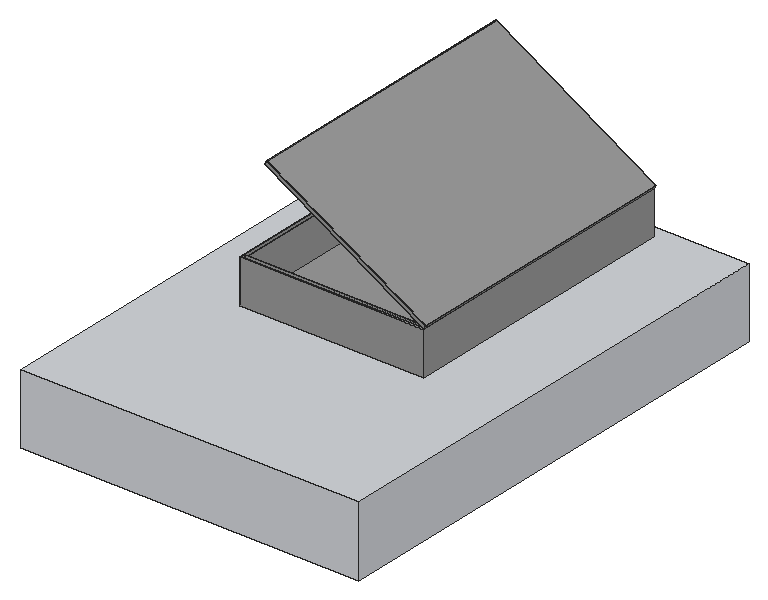
Revit family "Hager-Univers-IP54-D205-H1250-Cl.I-Encl-CH-fr", category Equipement électrique, Revit 2020
Family settings
  Hôte = Face
  Configuration du panneau = Deux colonnes, circuits au sein
  Cote de connecteur circulaire = Utiliser le diamètre
  Type d'élément = Tableau de raccordement
  Couper avec des vides une fois chargée = Non
  Partagée = Non
  Point de calcul de pièce = Non
Parameters (values of type "saillie IP54 L800 H1250 P205  - FP83TW2")
  Width Control [instance] = if([EF000008 - largeur] > Min Width, [EF000008 - largeur], Min Width)  # 800 mm
  Commentaires du type = [HG000003 - Gamme]  # "Univers"
  Thickness Door [instance] = if([EF009171 - épaisseur de matériau de la porte/du couvercle] > 3 mm, 3 mm, [EF009171 - épaisseur de matériau de la porte/du couvercle])  # 1 mm
  Seal Frame Offset [instance] = 17 mm  # constant formula
  Plinth Visibility [instance] = [HG000027 - Hauteur du socle] > 0 mm  # no
  Model = ""
  Min Width [instance] = 100 mm  # constant formula
  Min Height [instance] = 100 mm  # constant formula
  Min Depth [instance] = (2 * [EF009170 - épaisseur de matériau du boîtier]) + 1 mm  # 3 mm
  Internal Frame Depth [instance] = (Door System Depth * 0.5)  # 9 mm
  Height Control [instance] = if([EF000040 - hauteur] > Min Height, [EF000040 - hauteur], Min Height)  # 1250 mm
  HG000027 - Hauteur du socle = 0 mm
  HG000026 - Installation au sol = no
  HG000024 - Hauteur de la section basse = 800 mm
  HG000023 - Armoire double section = no
  HG000016 - Visibilité de la porte 3D [instance] = yes
  HG000015 - Visibilité de l'emprise de la porte [instance] = no
  HG000014 - Porte à droite [instance] = yes
  HG000013 - Porte à gauche [instance] = not([HG000014 - Porte à droite])  # no
  HG000012 - Angle de pivotement de la porte [instance] = 30.00°
  HG000010 - Portes asymétriques = no
  HG000009 - Porte à double battant = no
  HG000006 - Encastré = no
  HG000004 - Référence fabricant = "FP83TW2"
  HG000003 - Gamme = "Univers"
  HG000002 - avec porte = yes
  Frame Offset Bottom [instance] = 10 mm  # constant formula
  Frame Offset [instance] = 15 mm  # constant formula
  EF015940 - couvercle avec décharge de pression = no
  EF011959 - degré de protection (NEMA) = ""
  EF009554 - nombre d'ouvertures pour plaques à bride = 6
  Fabricant = "Hager"  # constant formula
  EF009212 - finition du couvercle = "EV000116 - fermé"
  EF009171 - épaisseur de matériau de la porte/du couvercle = 1 mm
  EF009170 - épaisseur de matériau du boîtier = 1 mm
  EF008873 - courant nominal (In) = 250 A
  EF007800 - adapté à un parafoudre = no
  EF006306 - avec serrure = no
  EF006244 - couvercle/porte transparent(e) = no
  EF005474 - indice de protection (IP) = "EV006419 - IP54"
  EF004464 - type de porte = "EV002646 - unique"
  EF004427 - nombre de modules = 288
  EF004293 - indice de protection contre les chocs (IK) = "EV006815 - IK09"
  EF003532 - convient pour utilisation à l’extérieur = no
  EF002950 - largeur en nombre de modules = 36
  EF001613 - maintien de fonction = "EV000494 - sans"
  EF001596 - matériau du boîtier/corps = "EV000179 - acier"
  EF001131 - profondeur intérieure = 130 mm
  EF001088 - possibilité de montage en saillie = yes
  EF000437 - nombre d'entrées de conduit = 6
  EF000339 - type de capot = "EV001012 - couvercle"
  EF000266 - nombre de rangées = 8
  EF000218 - profondeur d'encastrement = 205 mm
  EF000118 - avec cadre/support de montage = no
  EF000116 - numéro RAL = "9010"
  EF000049 - profondeur = 205 mm
  EF000040 - hauteur = 1250 mm
  EF000008 - largeur = 800 mm
  EF000007 - couleur = "EV000202 - blanc"
  EF000003 - mode de pose = "EV000384 - saillie"
  Door System Leaf Tolerance [instance] = 1.5 mm  # constant formula
  Door System Depth [instance] = 18 mm  # constant formula
  Door Height [instance] = Height Control - [HG000027 - Hauteur du socle]  # 1250 mm
  Depth Control [instance] = if([EF000049 - profondeur] > Min Depth, [EF000049 - profondeur], Min Depth)  # 205 mm
  Default Elevation = 0 mm
  Connector Offset [instance] = Height Control / 2  # 625 mm
  Bottom Top Plate Trim [instance] = 1.5 mm  # constant formula
  Plinth height Ctrl [instance] = if([HG000027 - Hauteur du socle] > 0 mm, [HG000027 - Hauteur du socle], 12 mm)  # 12 mm
Types (5, lengths in mm): name | Width Control | HG000004 - Référence fabricant | EF009554 - nombre d'ouvertures pour plaques à bride | EF004464 - type de porte | EF004427 - nombre de modules | EF002950 - largeur en nombre de modules | EF000437 - nombre d'entrées de conduit | EF000008 - largeur
  saillie IP54 L1050 H1250 P205  - FP84TW2 | 1050 | "FP84TW2" | 8 | "EV003602 - double" | 384 | 48 | 8 | 1050
  saillie IP54 L1300 H1250 P205  - FP85TW2 | 1300 | "FP85TW2" | 10 | "EV003602 - double" | 480 | 60 | 10 | 1300
  saillie IP54 L300 H1250 P205  - FP81TW2 | 300 | "FP81TW2" | 2 | "EV002646 - unique" | 96 | 12 | 2 | 300
  saillie IP54 L550 H1250 P205  - FP82TW2 | 550 | "FP82TW2" | 4 | "EV002646 - unique" | 192 | 24 | 4 | 550
  saillie IP54 L800 H1250 P205  - FP83TW2 | 800 | "FP83TW2" | 6 | "EV002646 - unique" | 288 | 36 | 6 | 800
Reference planes
  plane 1 "Center (Front/Back)": y = 0
  plane 2: z = 0
  plane 3 "Center (Left/Right)": x = 0
  plane 4: z = 205
  plane 5: y = 1
  plane 6: y = 625
  plane 7: y = 0
  plane 8: y = 1250
  plane 9: z = 0
  plane 10: x = -385
  plane 11: x = 385
  plane 12: x = 384
  plane 13: x = -384
  plane 14: y = 1249
  plane 15: x = -383
  plane 16: x = -400
  plane 17: x = 383
  plane 18: x = 400
  plane 19: x = 399
  plane 20: x = -399
  plane 21: y = 11
  plane 22: y = 1250
  plane 23: y = 1234
  plane 24: z = 187
  plane 25: z = 1
  plane 26: z = 186
  plane 27: z = 204
Forms (mm)
  Extrusion 1, solid
    sketch origin (0, 0, 0) x (1, 0, 0) y (0, 1, 0)
      loop
        line (-702.964, 1305) -> (-702.964, -811.445) -> (766.763, -811.445) -> (766.763, 1305) -> (-702.964, 1305)
    from 0 to -304.8
  Extrusion 2, solid, material "Hager_Steel_RAL7035_Light_Grey", visible <- "Plinth Visibility", detail levels medium+fine
    sketch origin (0, 0, 0) x (1, 0, 0) y (0, 1, 0)
      loop
        line (-400, 0) -> (400, 0) -> (400, 12) -> (-400, 12) -> (-400, 0)
    from 0 to 187
  Extrusion 3, solid, material "Hager_Steel_RAL7035_Light_Grey", detail levels medium+fine
    sketch origin (0, 0, 0) x (1, 0, 0) y (0, 1, 0)
      loop
        line (-400, 0) -> (400, 0) -> (400, 1250) -> (-400, 1250) -> (-400, 0)
    from 0 to 187
  Extrusion 4, void
    sketch origin (0, 0, 0) x (1, 0, 0) y (0, 1, 0)
      loop
        line (-399, 1) -> (399, 1) -> (399, 1249) -> (-399, 1249) -> (-399, 1)
    from 1 to 186
  Extrusion 5, void
    sketch origin (-381.607, -4572, 187) x (0, -1, 0) y (-1, 0, 0)
      loop
        line (-4583, 2.393) -> (-5806, 2.393) -> (-5806, -765.607) -> (-4583, -765.607) -> (-4583, 2.393)
    from 0 to 1 <- "EF009170 - épaisseur de matériau du boîtier"
  Extrusion 6, solid, material "Hager_Steel_RAL7035_Light_Grey", detail levels fine
    sketch origin (0, 0, 187) x (1, 0, 0) y (0, 1, 0)
      loop
        line (-384, 1234) -> (-384, 11) -> (384, 11) -> (384, 1234) -> (-384, 1234)
      loop
        line (-385, 10) -> (385, 10) -> (385, 1235) -> (-385, 1235) -> (-385, 10)
    from 0 to 9 <- "Internal Frame Depth"
  Extrusion 7, solid, material "Hager_Steel_RAL7035_Light_Grey", detail levels coarse
    sketch origin (0, 0, 0) x (1, 0, 0) y (0, 1, 0)
      loop
        line (-400, 0) -> (400, 0) -> (400, 1250) -> (-400, 1250) -> (-400, 0)
    from 0 to 205
  Sweep 8, void
    path in 3D
      loop
        line (-400, 12, 0) -> (400, 12, 0) -> (400, 12, 187) -> (-400, 12, 187) -> (-400, 12, 0)
    profile origin (-400, 12, 93.5) x (-1, 0, 0) y (0, -1, 0)
      loop
        line (0, 0) -> (0, 1.5) -> (-1.5, 1.5)
        arc (-1.5, 1.5) -> (-1.061, 0.439) -> (0, 0) r 1.5
Cuts and joins
  Extrusion 4, Extrusion 5 cuts Extrusion 3
  Sweep 8 cuts Extrusion 2
Lines and regions (mm)
  Masking region 1
    outline origin (0, 0, 0) x (1, 0, 0) y (0, 0, 1)
      loop
        line (-400, 205) -> (-400, 0) -> (400, 0) -> (400, 205) -> (-400, 205)
  Masking region 2, detail levels medium+fine
    outline origin (0, 140, 0) x (0, 1, 0) y (0, 0, 1)
      loop
        line (-140, 0) -> (1110, 0) -> (1110, 187) -> (-140, 187) -> (-140, 0)
  Masking region 3, not visible, detail levels medium+fine
    outline origin (0, 297.922, 0) x (0, 1, 0) y (0, 0, 1)
      loop
        line (338.578, 0) -> (378.578, 0) -> (378.578, 194)
        arc (378.578, 194) -> (375.649, 201.071) -> (368.578, 204) r 10
        line (368.578, 204) -> (338.578, 204) -> (338.578, 0)
  Masking region 4, detail levels coarse
    outline origin (0, 0, 180) x (0, 1, 0) y (0, 0, 1)
      loop
        line (0, -180) -> (1250, -180) -> (1250, 25) -> (0, 25) -> (0, -180)
  Masking region 5, visible <- "Plinth Visibility", detail levels medium+fine
    outline origin (0, 52.24, 12.345) x (0, 0, -1) y (0, 1, 0)
      loop
        line (10.845, -40.24) -> (-173.155, -40.24)
        arc (-173.155, -40.24) -> (-173.594, -41.301) -> (-174.655, -41.74) r 1.5
        line (-174.655, -41.74) -> (-174.655, -52.24) -> (12.345, -52.24) -> (12.345, -41.74)
        arc (12.345, -41.74) -> (11.285, -41.301) -> (10.845, -40.24) r 1.5
  Masking region 6, detail levels medium+fine
    outline origin (-381.607, -4572, 187) x (-1, 0, 0) y (0, -1, 0)
      loop
        line (18.393, -5822) -> (18.393, -4572) -> (-781.607, -4572) -> (-781.607, -5822) -> (18.393, -5822)
  Masking region 7, visible <- "Plinth Visibility", detail levels medium+fine
    outline origin (-381.607, -4727, 187) x (-1, 0, 0) y (0, -1, 0)
      loop
        arc (16.893, -4739) -> (17.332, -4737.939) -> (18.393, -4737.5) r 1.5
        line (18.393, -4737.5) -> (18.393, -4727) -> (-781.607, -4727) -> (-781.607, -4737.5)
        arc (-781.607, -4737.5) -> (-780.546, -4737.939) -> (-780.107, -4739) r 1.5
        line (-780.107, -4739) -> (16.893, -4739)
  Masking region 8, detail levels coarse
    outline origin (-442.548, -4669.526, 187) x (-1, 0, 0) y (0, -1, 0)
      loop
        line (-42.548, -5919.526) -> (-42.548, -4669.526) -> (-842.548, -4669.526) -> (-842.548, -5919.526) -> (-42.548, -5919.526)
  sketch lines
    curve 1: line (-400, 12, 187) -> (-400, 12, 0)
    curve 2: line (400, 12, 187) -> (-400, 12, 187)
    curve 3: line (400, 12, 187) -> (400, 12, 0)
    curve 4: line (-400, 12, 0) -> (400, 12, 0)
Dimensions and locks
  "Depth Control": plane 4 to Extrusion 1
  "HG000027 - Hauteur du socle": plane 1 "Center (Front/Back)" to plane 7
  "EF009170 - épaisseur de matériau du boîtier": plane 5 to plane 7
  locked: connector elem to plane 3 "Center (Left/Right)"
  equal spacing: plane 8, plane 6, plane 7
  locked: connector elem to plane 6
  "EF009170 - épaisseur de matériau du boîtier": plane 8 to plane 14
  "EF009170 - épaisseur de matériau du boîtier": plane 10 to plane 13
  "EF009170 - épaisseur de matériau du boîtier": plane 12 to plane 11
  "Frame Offset": plane 20 to plane 13
  "Frame Offset": plane 12 to plane 19
  "EF009170 - épaisseur de matériau du boîtier": plane 16 to plane 20
  "EF009170 - épaisseur de matériau du boîtier": plane 19 to plane 18
  "Seal Frame Offset": plane 16 to plane 15
  "Seal Frame Offset": plane 17 to plane 18
  "Frame Offset Bottom": plane 21 to plane 5
  "Frame Offset": plane 14 to plane 23
  equal spacing: plane 16, plane 3 "Center (Left/Right)", plane 18
  "Width Control": plane 16 to plane 18
  "EF009170 - épaisseur de matériau du boîtier": plane 4 to plane 27
  "EF009170 - épaisseur de matériau du boîtier": plane 24 to plane 26
  "EF009170 - épaisseur de matériau du boîtier": plane 25 to level
  "Door System Depth": plane 4 to plane 24
  "Height Control": plane 1 "Center (Front/Back)" to Extrusion 7 sketch curve
  "Height Control": Masking region 4 sketch curve to plane 1 "Center (Front/Back)"
  "Height Control": plane 1 "Center (Front/Back)" to plane 22
  "Bottom Top Plate Trim": profile plane to Sweep 8 sketch curve
  "Bottom Top Plate Trim": Sweep 8 sketch curve to profile plane
  "Plinth height Ctrl": plane 1 "Center (Front/Back)" to Extrusion 2 sketch curve
  "Plinth height Ctrl": Masking region 5 sketch curve to plane 1 "Center (Front/Back)"
  "Plinth height Ctrl": plane 1 "Center (Front/Back)" to Masking region 7 sketch curve
  "Thickness Door": Extrusion 6 sketch curve to Extrusion 6 sketch curve  (x3)
  "Thickness Door": cut or joined group of Extrusion 3, Extrusion 4, Extrusion 5 to Extrusion 6 sketch curve
  radius of Masking region 3 sketch curve = 10 mm
  "Bottom Top Plate Trim": radius of Masking region 5 sketch curve  (x2)
  "Bottom Top Plate Trim": radius of Sweep 8 sketch curve
  "Bottom Top Plate Trim": radius of Masking region 7 sketch curve  (x2)
  aligned and locked: plane 2 to Extrusion 1
  aligned and locked: level to Extrusion 1
  aligned and locked: level to Masking region 1 sketch curve
  aligned and locked: Masking region 1 sketch curve to plane 18
  aligned and locked: Masking region 1 sketch curve to plane 16
  aligned and locked: plane 7 to Masking region 2 sketch curve
  aligned and locked: level to Masking region 3 sketch curve
  aligned and locked: Masking region 3 sketch curve to plane 27
  aligned and locked: level to Masking region 2 sketch curve
  aligned and locked: plane 1 "Center (Front/Back)" to Extrusion 2 sketch curve
  aligned and locked: Extrusion 3 sketch curve to plane 7
  aligned and locked: plane 16 to Extrusion 3 sketch curve
  aligned and locked: plane 18 to Extrusion 3 sketch curve
  aligned and locked: plane 20 to Extrusion 4 sketch curve
  aligned and locked: plane 19 to Extrusion 4 sketch curve
  aligned and locked: Extrusion 4 sketch curve to plane 5
  aligned and locked: Extrusion 4 to plane 25
  aligned and locked: plane 26 to Extrusion 4
  aligned and locked: plane 24 to Extrusion 3
  aligned and locked: Extrusion 5 sketch curve to plane 21
  aligned and locked: Extrusion 5 sketch curve to plane 13
  aligned and locked: Extrusion 5 sketch curve to plane 12
  aligned and locked: plane 18 to Extrusion 7 sketch curve
  aligned and locked: plane 1 "Center (Front/Back)" to Extrusion 7 sketch curve
  aligned and locked: plane 16 to Extrusion 7 sketch curve
  aligned and locked: plane 4 to Extrusion 7
  aligned and locked: Extrusion 7 to level
  aligned and locked: level to Masking region 4 sketch curve
  aligned and locked: Masking region 4 sketch curve to plane 1 "Center (Front/Back)"
  aligned and locked: Masking region 4 sketch curve to plane 4
  aligned and locked: nested 1 to level
  aligned and locked: nested 1 to plane 16
  aligned and locked: plane 8 to Extrusion 3 sketch curve
  aligned and locked: plane 23 to Extrusion 5 sketch curve
  aligned and locked: plane 14 to Extrusion 4 sketch curve
  aligned and locked: Masking region 2 sketch curve to plane 8
  aligned and locked: level to Masking region 5 sketch curve
  aligned and locked: plane 16 to Extrusion 2 sketch curve
  aligned and locked: plane 18 to Extrusion 2 sketch curve
  aligned and locked: Masking region 5 sketch curve to plane 24
  aligned and locked: Masking region 2 sketch curve to plane 24
  aligned and locked: plane 24 to Extrusion 2
  aligned and locked: profile plane to Sweep 8 sketch curve  (x2)
  aligned and locked: Masking region 6 sketch curve to plane 18
  aligned and locked: Masking region 6 sketch curve to plane 22
  aligned and locked: Masking region 6 sketch curve to plane 16
  aligned and locked: plane 8 to plane 22
  aligned and locked: Masking region 6 sketch curve to plane 7
  aligned and locked: Masking region 7 sketch curve to plane 16
  aligned and locked: Masking region 7 sketch curve to plane 1 "Center (Front/Back)"
  aligned and locked: Masking region 7 sketch curve to plane 18
  aligned and locked: Masking region 8 sketch curve to plane 1 "Center (Front/Back)"
  aligned and locked: Masking region 8 sketch curve to plane 18
  aligned and locked: Masking region 8 sketch curve to plane 22
  aligned and locked: Masking region 8 sketch curve to plane 16
  aligned and locked: nested 2 to plane 7
  aligned and locked: plane 3 "Center (Left/Right)" to nested 2
  aligned and locked: nested 2 to plane 24
  aligned and locked: Extrusion 6 sketch curve to cut or joined group of Extrusion 3, Extrusion 4, Extrusion 5  (x4)
Automatic sketch dimensions
  Extrusion 1 sketch curve to Extrusion 1 sketch curve = 1469.727 mm
  Extrusion 1 sketch curve to Extrusion 1 sketch curve = 2116.445 mm
  Masking region 1 sketch curve to plane 4 = 0 mm
  plane 6 to Masking region 3 sketch curve = 11.5 mm
  Masking region 3 sketch curve to Masking region 3 sketch curve = 30 mm
  Masking region 5 sketch curve to plane 1 "Center (Front/Back)" = 0 mm
Nested families
  nested 1: "Hager_Enclosure_Symbol" at (-400, 0, 0) x (1, 0, 0) z (0, -1, 0), Height <- "Depth Control", Width <- "Width Control", type "Hager_Enclosure_Symbol"
    with Width_Ctrl 800 mm, Width 800 mm, Height_Ctrl 205 mm, Height 205 mm, A_Width_Int 13.453 mm, A_Width 161.438 mm, A_Height_Ctrl 179.375 mm, A_Height 179.375 mm
  nested 2: "EC000058_Univers_Door" at (0, 0, 187) x (1, 0, 0) z (0, 1, 0), Leaf_Tolerance <- "Door System Leaf Tolerance", Angle <- "HG000012 - Angle de pivotement de la porte", Door_Depth <- "Door System Depth", Door_Left <- "HG000013 - Porte à gauche", Transparent <- "EF006244 - couvercle/porte transparent(e)", Assymetrical <- "HG000010 - Portes asymétriques", Width <- "Width Control", Clearance <- "HG000015 - Visibilité de l'emprise de la porte", Double <- "HG000009 - Porte à double battant", 3d_Door <- "HG000016 - Visibilité de la porte 3D", Lock_Visibility <- "EF006306 - avec serrure", Width_Ctrl <- "Width Control", Door_Right <- "HG000014 - Porte à droite", Door <- "HG000002 - avec porte", Height <- "Door Height", Thickness <- "Thickness Door", type "EC000058_Univers_Door", detail levels medium+fine
    with min_wh 3 mm, Width_Ctrl 800 mm, Width 800 mm, Transparent no, Thickness 1 mm, Seal_Material Hager_Rubber, Lock_Visibility no, Lock_Material Hager_Plastic_RAL9005_Jet_Black, Leaf_Width 800 mm, Leaf_Tolerance_External_Sides 0 mm, Leaf_Tolerance 1.5 mm, Leaf_Offset 0 mm, Leaf_Height 1247 mm, Leaf_2_Width 800 mm, Leaf_2_Offset 400 mm, Leaf_1_Width 800 mm, Leaf_1_Offset 400 mm, Height_Ctrl 1250 mm, Height 1250 mm, Glass_Material Hager_Glass, Double_Clearance_Ctrl no, Double no, Door_Right_Ctrl yes, Door_Right yes, Door_Material Hager_Steel_RAL7035_Light_Grey, Door_Left_Ctrl no, Door_Left no, Door_Depth 18 mm, Door yes, Clearance_Material Hager_Clearance, Clearance_Depth 800 mm, Clearance_Ctrl no, Clearance no, Assymetrical no, Angle 30.00°, 3d_Door yes
Connectors
  electrical at (0, 625, 0)
    settings: on plane 9, index 1, voltage 0 V, apparent load 0 VA, apparent load phase1 0 VA, apparent load phase2 0 VA, apparent load phase3 0 VA, power factor 1, load classification "Other", number of poles 1, system type 30, power factor state 1, is connector primary yes, connector utility no, sub classification motor no, connector description ""
Definition of nested family "EC000058_Univers_Door"
  Parameters (values of type "EC000058_Univers_Door")
    min_wh [instance] = (2 * Thickness) + 1 mm  # 11 mm
    Width_Ctrl [instance] = 400 mm
    Width [instance] = 500 mm
    Transparent [instance] = yes
    Thickness [instance] = 5 mm
    Seal_Material [instance] = none
    Lock_Visibility [instance] = yes
    Lock_Material [instance] = none
    Leaf_Width [instance] = if((Width_Ctrl - 2 * Leaf_Tolerance_External_Sides) > 0 mm, (Width_Ctrl - 2 * Leaf_Tolerance_External_Sides), min_wh)  # 400 mm
    Leaf_Tolerance_External_Sides [instance] = 0 mm  # constant formula
    Leaf_Tolerance [instance] = 1.5 mm
    Leaf_Offset [instance] = 0 mm  # constant formula
    Leaf_Height [instance] = if((Height_Ctrl - 2 * Leaf_Tolerance) > 0 mm, (Height_Ctrl - 2 * Leaf_Tolerance), min_wh)  # 497 mm
    Leaf_2_Width [instance] = if(and(and(Double, Assymetrical), Door_Left), (Leaf_Width / 3) - (Leaf_Tolerance / 2), if(and(and(Double, Assymetrical), Door_Right), (Leaf_Width / 3) * 2 - (Leaf_Tolerance / 2), if(and(Double, not(Assymetrical)), (Leaf_Width / 2) - Leaf_Tolerance, Leaf_Width)))  # 400 mm
    Leaf_2_Offset [instance] = if(and(Double, Assymetrical), Leaf_2_Width / 2, if(and(Double, not(Assymetrical)), Leaf_Width / 4, Leaf_Width / 2))  # 200 mm
    Leaf_1_Width [instance] = if(and(and(Double, Assymetrical), Door_Right), (Leaf_Width / 3) - (Leaf_Tolerance / 2), if(and(and(Double, Assymetrical), Door_Left), (Width / 3) * 2 - (Leaf_Tolerance / 2), if(and(Double, not(Assymetrical)), (Leaf_Width / 2) - Leaf_Tolerance, Leaf_Width)))  # 400 mm
    Leaf_1_Offset [instance] = if(and(Double, Assymetrical), Leaf_1_Width / 2, if(and(Double, not(Assymetrical)), Leaf_Width / 4, Leaf_Width / 2))  # 200 mm
    Height_Ctrl [instance] = if(Height > min_wh, Height, min_wh)  # 500 mm
    Height [instance] = 500 mm
    Glass_Material [instance] = none
    Double_Clearance_Ctrl [instance] = and(Double, Clearance)  # no
    Double [instance] = no
    Door_Right_Ctrl [instance] = and(or(Door_Right, Double), Door)  # yes
    Door_Right [instance] = yes
    Door_Material [instance] = none
    Door_Left_Ctrl [instance] = and(or(Door_Left, Double), Door)  # no
    Door_Left [instance] = no
    Door_Depth [instance] = 30 mm
    Door [instance] = yes
    Default Elevation = 1219.2 mm
    Clearance_Material [instance] = none
    Clearance_Depth [instance] = if(Leaf_1_Width > Leaf_2_Width, Leaf_1_Width, Leaf_2_Width)  # 400 mm
    Clearance_Ctrl [instance] = and(not(Double), Clearance)  # yes
    Clearance [instance] = yes
    Assymetrical [instance] = yes
    Angle [instance] = 30.00°
    3d_Door [instance] = yes
  Reference planes
    plane 1 "Center (Front/Back)": y = 0
    plane 2 "Bottom": z = 0
    plane 3 "Center (Left/Right)": x = 0
    plane 4: z = 500
    plane 5: x = -200
    plane 6: x = 200
    plane 7: z = 500
    plane 8: x = -200
    plane 9: z = 0
    plane 10: x = 200
    plane 11: y = 0
    plane 12: z = 1.5
    plane 13: x = -600
    plane 14: y = -400
    plane 15: x = 600
    plane 16: x = 0
    plane 17: x = 0
    plane 18: x = -200
    plane 19: x = 200
    plane 20: z = 498.5
  Forms (mm)
    Extrusion 1, solid, material <- "Clearance_Material", visible <- "Double_Clearance_Ctrl"
      sketch origin (1200, 0, 0) x (1, 0, 0) y (0, 0, -1)
        loop
          line (-1800, -498.5) -> (-600, -498.5) -> (-600, 0) -> (-1800, 0) -> (-1800, -498.5)
      from 0 to -400
  Dimensions and locks
    equal spacing: plane 5, plane 3 "Center (Left/Right)", plane 6
    "Width_Ctrl": plane 5 to plane 6
    "Leaf_Offset": plane 5 to plane 8
    "Leaf_Offset": plane 6 to plane 10
    "Leaf_Offset": plane 9 to level
    "Leaf_Offset": plane 4 to plane 7
    "Height_Ctrl": plane 4 to level
    "Leaf_Tolerance": plane 12 to plane 9
    locked: plane 11 to plane 1 "Center (Front/Back)"
    "Leaf_1_Offset": plane 18 to plane 16
    "Leaf_2_Offset": plane 17 to plane 19
    "Leaf_1_Width": plane 13 to plane 8
    "Leaf_2_Width": plane 10 to plane 15
    "Clearance_Depth": plane 14 to plane 1 "Center (Front/Back)"
    "Leaf_Tolerance_External_Sides": plane 8 to plane 18
    "Leaf_Tolerance_External_Sides": plane 19 to plane 10
    "Leaf_Tolerance": plane 7 to plane 20
    aligned and locked: level to plane 2 "Bottom"
    aligned and locked: nested 1 to plane 16
    aligned and locked: nested 2 to plane 17
    aligned and locked: Extrusion 1 to plane 13
    aligned and locked: plane 15 to Extrusion 1
    aligned and locked: Extrusion 1 to plane 14
    aligned and locked: plane 12 to nested 1
    aligned and locked: nested 2 to plane 12
    aligned and locked: Extrusion 1 to plane 11
    aligned and locked: plane 20 to Extrusion 1
    aligned and locked: nested 2 to plane 11
    aligned and locked: nested 1 to plane 11
  Automatic sketch dimensions
    Extrusion 1 sketch curve to level = 0 mm
    plane 5 to Extrusion 1 sketch curve = 400 mm
    plane 6 to Extrusion 1 sketch curve = 400 mm
    Extrusion 1 sketch curve to plane 4 = 1.5 mm
  Nested families
    nested 1: "EC000058_Univers_Door_Leaf" at (0, 0, 1.5), Width <- "Leaf_1_Width", visible <- "Door_Left_Ctrl", Leaf_Height <- "Leaf_Height", Angle <- "Angle", 3d_Door <- "3d_Door", Transparent <- "Transparent", Clearance Material <- "Clearance_Material", Clearance <- "Clearance_Ctrl", Door_Material <- "Door_Material", Glass_Material <- "Glass_Material", Door_Depth <- "Door_Depth", Lock_Material <- "Lock_Material", Seal_Material <- "Seal_Material", Lock_Visibility <- "Lock_Visibility", Thickness <- "Thickness", type "EC000058_Univers_Door_Leaf"
      with Width 400 mm, Transparent_Glass_Offset 30 mm, Transparent_Ctrl yes, Transparent yes, Thickness 5 mm, Standard no, Seal_Material none, Seal_D2 8 mm, Seal_D1 1 mm, Offset_Internal_Frame 10 mm, Lock_Width 20 mm, Lock_Visibility_3d yes, Lock_Visibility yes, Lock_Thickness_3 3 mm, Lock_Thickness_2 1 mm, Lock_Thickness_1 3 mm, Lock_Radius_Offset_2 16 mm, Lock_Radius_Offset_1 15 mm, Lock_Radius_2 5 mm, Lock_Radius 6 mm, Lock_Offset 5 mm, Lock_Material none, Lock_Height 80 mm, Lock_Cover_Top_Offset_2d 17 mm, Lock_Cover_Height -65 mm, Leaf_Height 497 mm, Internal_Seal_Thickness 8 mm, Internal_Seal_Depth_2 4.5 mm, Internal_Frame_Depth 25 mm, Glass_Thickness -1 mm, Glass_Offset -2 mm, Glass_Material none, Door_Material none, Door_Depth 30 mm, Clearance Material none, Clearance yes, Angle_Ctrl 30.00°, Angle 30.00°, 3d_Door yes
    nested 2: "EC000058_Univers_Door_Leaf" at (0, 0, 1.5) x (-1, 0, 0) z (0, 0, 1), Width <- "Leaf_2_Width", visible <- "Door_Right_Ctrl", Leaf_Height <- "Leaf_Height", Angle <- "Angle", 3d_Door <- "3d_Door", Transparent <- "Transparent", Clearance Material <- "Clearance_Material", Clearance <- "Clearance_Ctrl", Door_Material <- "Door_Material", Glass_Material <- "Glass_Material", Door_Depth <- "Door_Depth", Lock_Material <- "Lock_Material", Seal_Material <- "Seal_Material", Lock_Visibility <- "Lock_Visibility", Thickness <- "Thickness", type "EC000058_Univers_Door_Leaf"
      with Width 400 mm, Transparent_Glass_Offset 30 mm, Transparent_Ctrl yes, Transparent yes, Thickness 5 mm, Standard no, Seal_Material none, Seal_D2 8 mm, Seal_D1 1 mm, Offset_Internal_Frame 10 mm, Lock_Width 20 mm, Lock_Visibility_3d yes, Lock_Visibility yes, Lock_Thickness_3 3 mm, Lock_Thickness_2 1 mm, Lock_Thickness_1 3 mm, Lock_Radius_Offset_2 16 mm, Lock_Radius_Offset_1 15 mm, Lock_Radius_2 5 mm, Lock_Radius 6 mm, Lock_Offset 5 mm, Lock_Material none, Lock_Height 80 mm, Lock_Cover_Top_Offset_2d 17 mm, Lock_Cover_Height -65 mm, Leaf_Height 497 mm, Internal_Seal_Thickness 8 mm, Internal_Seal_Depth_2 4.5 mm, Internal_Frame_Depth 25 mm, Glass_Thickness -1 mm, Glass_Offset -2 mm, Glass_Material none, Door_Material none, Door_Depth 30 mm, Clearance Material none, Clearance yes, Angle_Ctrl 30.00°, Angle 30.00°, 3d_Door yes
  Definition of nested family "EC000058_Univers_Door_Leaf"
    Parameters (values of type "EC000058_Univers_Door_Leaf")
      Width [instance] = 2000 mm
      Transparent_Glass_Offset [instance] = 30 mm
      Transparent_Ctrl [instance] = and(Transparent, [3d_Door])  # yes
      Transparent [instance] = yes
      Thickness [instance] = 5 mm
      Standard [instance] = and(not(Transparent), [3d_Door])  # no
      Seal_Material [instance] = none
      Seal_D2 [instance] = 8 mm  # constant formula
      Seal_D1 [instance] = 1 mm  # constant formula
      Offset_Internal_Frame [instance] = 10 mm  # constant formula
      Lock_Width [instance] = 20 mm  # constant formula
      Lock_Visibility_3d [instance] = and(Lock_Visibility, [3d_Door])  # yes
      Lock_Visibility [instance] = yes
      Lock_Thickness_3 [instance] = 3 mm  # constant formula
      Lock_Thickness_2 [instance] = 1 mm  # constant formula
      Lock_Thickness_1 [instance] = 3 mm  # constant formula
      Lock_Radius_Offset_2 [instance] = Lock_Radius_Offset_1 + 1 mm  # 16 mm
      Lock_Radius_Offset_1 [instance] = 15 mm  # constant formula
      Lock_Radius_2 [instance] = Lock_Radius - 1 mm  # 5 mm
      Lock_Radius [instance] = 6 mm  # constant formula
      Lock_Offset [instance] = 5 mm  # constant formula
      Lock_Material [instance] = none
      Lock_Height [instance] = 80 mm  # constant formula
      Lock_Cover_Top_Offset_2d [instance] = Lock_Radius_Offset_2 + 1 mm  # 17 mm
      Lock_Cover_Height [instance] = -(Lock_Height - Lock_Radius_Offset_1)  # -65 mm
      Leaf_Height [instance] = 2720.336 mm
      Internal_Seal_Thickness [instance] = 8 mm  # constant formula
      Internal_Seal_Depth_2 [instance] = 4.5 mm  # constant formula
      Internal_Frame_Depth [instance] = if(Door_Depth - Thickness > 5 mm, Door_Depth - Thickness, 5 mm)  # 25 mm
      Glass_Thickness [instance] = if(Thickness > 15 mm, Glass_Offset + 10 mm, -1 mm)  # -1 mm
      Glass_Offset [instance] = if(Thickness > 15 mm, -(Thickness + 10 mm) / 2, -2 mm)  # -2 mm
      Glass_Material [instance] = none
      Door_Material [instance] = none
      Door_Depth [instance] = 30 mm
      Default Elevation = 0 mm
      Clearance Material [instance] = none
      Clearance [instance] = yes
      Angle_Ctrl [instance] = if(Angle > 180.00°, 180.00°, Angle)  # 90.00°
      Angle [instance] = 90.00°
      3d_Door [instance] = yes
    Reference planes
      plane 1 "Center (Front/Back)": y = 0
      plane 2: z = 0
      plane 3 "Center (Left/Right)": x = 0
      plane 4: y = 2000
      plane 5: x = -1000
      plane 6: x = 1000
      plane 7: x = -3000
      plane 8: z = 2720.336
      plane 9: z = 30
      plane 10: z = 2690.336
      plane 11: x = 970
      plane 12: x = -970
      plane 13: y = -3
      plane 14: z = 107.833
      plane 15: y = -5
      plane 16: y = -223.314
      plane 17: x = -1000
      plane 18: z = 1360.168
      plane 19: y = 30
    Forms (mm)
      Extrusion 1, solid, material <- "Clearance Material", visible <- "Clearance"
        sketch origin (0, 0, 0) x (1, 0, 0) y (0, 0, 1)
          loop
            line (-3000, 2720.336) -> (-3000, 0) -> (1000, 0) -> (1000, 2720.336) -> (-3000, 2720.336)
        from 0 to -2000
      Extrusion 2, solid, material <- "Door_Material", visible <- "Standard", detail levels medium+fine
        sketch origin (-1000, 0, 0) x (0, 1, 0) y (-1, 0, 0)
          loop
            line (0, 30) -> (0, 25) -> (2000, 25) -> (2000, 30) -> (0, 30)
        from 0 to 2720.336 <- "Leaf_Height"
      Extrusion 3, solid, material <- "Door_Material", visible <- "Transparent_Ctrl", detail levels medium+fine
        sketch origin (-1000, 0, 0) x (0, 1, 0) y (-1, 0, 0)
          loop
            line (0, 25) -> (2000, 25) -> (2000, 30) -> (0, 30) -> (0, 25)
        from 0 to 2720.336 <- "Leaf_Height"
      Extrusion 4, void
        sketch origin (-1025, 2000, 0) x (0, 1, 0) y (0, 0, -1)
          loop
            line (-30, -2690.336) -> (-30, -30) -> (-1970, -30) -> (-1970, -2690.336) -> (-30, -2690.336)
        from 0 to 5 <- "Thickness"
      Sweep 5, solid, material <- "Seal_Material", visible <- "Transparent_Ctrl", detail levels fine
        path in 3D
          loop
            line (-1025, 30, 30) -> (-1025, 30, 2690.336) -> (-1025, 1970, 2690.336) -> (-1025, 1970, 30) -> (-1025, 30, 30)
        profile origin (-1025, 1000, 30) x (1, 0, 0) y (0, 0, 1)
          loop
            line (0, 0) -> (0, -8) -> (1, -8) -> (1, 0) -> (0, 0)
      Extrusion 6, solid, material <- "Glass_Material", visible <- "Transparent_Ctrl", detail levels medium+fine
        sketch origin (-1030, 0, 0) x (0, 1, 0) y (0, 0, -1)
          loop
            line (1970, -2690.336) -> (1970, -30) -> (30, -30) -> (30, -2690.336) -> (1970, -2690.336)
        from -2 <- "Glass_Offset" to -1 <- "Glass_Thickness"
      Extrusion 7, solid, material <- "Door_Material", visible <- "3d_Door", detail levels medium+fine
        sketch origin (-1025, 2000, 0) x (0, -1, 0) y (0, 0, -1)
          loop
            line (0, -2720.336) -> (2000, -2720.336) -> (2000, 0) -> (0, 0) -> (0, -2720.336)
          loop
            line (1995, -5) -> (5, -5) -> (5, -2715.336) -> (1995, -2715.336) -> (1995, -5)
        from 0 to 25 <- "Internal_Frame_Depth"
      Sweep 8, solid, material <- "Seal_Material", visible <- "Transparent_Ctrl", detail levels fine
        path in 3D
          loop
            line (-1025, 0, 0) -> (-1025, 2000, 0) -> (-1025, 2000, 2720.336) -> (-1025, 0, 2720.336) -> (-1025, 0, 0)
        profile origin (-1025, 0, 1360.168) x (1, 0, 0) y (0, 1, 0)
          loop
            line (0, 10) -> (2.975, 10)
            arc (2.975, 10) -> (4.053, 10.447) -> (4.5, 11.525) r 1.525
            line (4.5, 11.525) -> (4.5, 16.527)
            arc (4.5, 16.527) -> (4.069, 17.569) -> (3.027, 18) r 1.473
            line (3.027, 18) -> (0, 18) -> (0, 10)
      Extrusion 9, solid, material <- "Lock_Material", visible <- "Lock_Visibility_3d", detail levels fine
        sketch origin (-1030, 0, 0) x (0, 1, 0) y (0, 0, -1)
          loop
            arc (1993.5, -1400.168) -> (1994.561, -1399.729) -> (1995, -1398.668) r 1.5
            line (1995, -1398.668) -> (1995, -1320.168) -> (1975, -1320.168) -> (1975, -1398.668)
            arc (1975, -1398.668) -> (1975.439, -1399.729) -> (1976.5, -1400.168) r 1.5
            line (1976.5, -1400.168) -> (1993.5, -1400.168)
        from 3 <- "Lock_Thickness_1" to 0
      Blend 10, solid, material <- "Lock_Material", visible <- "Lock_Visibility_3d", detail levels fine
        base sketch origin (-1033, 0, 0) x (0, 1, 0) y (0, 0, -1)
          loop
            line (1975, -1320.168) -> (1975, -1398.668)
            arc (1975, -1398.668) -> (1975.439, -1399.729) -> (1976.5, -1400.168) r 1.5
            line (1976.5, -1400.168) -> (1993.5, -1400.168)
            arc (1993.5, -1400.168) -> (1994.561, -1399.729) -> (1995, -1398.668) r 1.5
            line (1995, -1398.668) -> (1995, -1320.168) -> (1975, -1320.168)
        top sketch origin (-1033, 0, 0) x (0, 1, 0) y (0, 0, -1)
          loop
            line (1976, -1320.168) -> (1976, -1398.668)
            arc (1976, -1398.668) -> (1976.146, -1399.022) -> (1976.5, -1399.168) r 0.5
            line (1976.5, -1399.168) -> (1993.5, -1399.168)
            arc (1993.5, -1399.168) -> (1993.854, -1399.022) -> (1994, -1398.668) r 0.5
            line (1994, -1398.668) -> (1994, -1320.168) -> (1976, -1320.168)
        from 0 to 1 <- "Lock_Thickness_2"
      Blend 11, solid, material <- "Lock_Material", visible <- "Lock_Visibility_3d", detail levels fine
        base sketch origin (-1034, 0, 0) x (0, 1, 0) y (0, 0, -1)
          loop
            line (1978, -1320.168) -> (1978, -1384.168)
            arc (1978, -1384.168) -> (1985, -1391.168) -> (1992, -1384.168) r 7
            line (1992, -1384.168) -> (1992, -1320.168) -> (1978, -1320.168)
        top sketch origin (-1034, 0, 0) x (0, 1, 0) y (0, 0, -1)
          loop
            line (1991, -1320.168) -> (1979, -1320.168) -> (1979, -1383.168)
            arc (1979, -1383.168) -> (1985, -1389.168) -> (1991, -1383.168) r 6
            line (1991, -1383.168) -> (1991, -1320.168)
        from 0 to 3 <- "Lock_Thickness_3"
      Extrusion 12, solid, material <- "Lock_Material", visible <- "Lock_Visibility_3d", detail levels fine
        sketch origin (-1030, 1975, 1320.168) x (1, 0, 0) y (0, -1, 0)
          loop
            line (-7, -19) -> (-7, -1) -> (0, -1) -> (0, 0) -> (-8, 0) -> (-8, -20) -> (0, -20) -> (0, -19) -> (-7, -19)
        from 0 to -65 <- "Lock_Cover_Height"
      Extrusion 13, void
        sketch origin (-1038, 1995, 1320.168) x (-1, 0, 0) y (0, 0, -1)
          loop
            line (-5, -65) -> (0, -65) -> (-5, -60) -> (-5, -65)
        from 0 to 20 <- "Lock_Width"
      Extrusion 14, void
        sketch origin (-1038, 1975, 1320.168) x (0, -1, 0) y (0, 0, -1)
          loop
            circle (-10, -15.995) r 6
          loop
            circle (-10, -15.995) r 5
        from 0 to 2
      Extrusion 15, solid, material <- "Lock_Material", visible <- "Lock_Visibility_3d", detail levels medium
        sketch origin (-1030, 0, 0) x (0, 1, 0) y (0, 0, -1)
          loop
            arc (1993.5, -1400.168) -> (1994.561, -1399.729) -> (1995, -1398.668) r 1.5
            line (1995, -1398.668) -> (1995, -1320.168) -> (1975, -1320.168) -> (1975, -1398.668)
            arc (1975, -1398.668) -> (1975.439, -1399.729) -> (1976.5, -1400.168) r 1.5
            line (1976.5, -1400.168) -> (1993.5, -1400.168)
        from 8 to 0
    Cuts and joins
      Extrusion 4 cuts Extrusion 3
      Extrusion 13, Extrusion 14 cuts Extrusion 9
      Extrusion 14 cuts Blend 11
      Extrusion 13, Extrusion 14 cuts Extrusion 12
      joined: Extrusion 9, Blend 10, Blend 11, Extrusion 12
      Extrusion 14 cuts Extrusion 15
    Lines and regions (mm)
      Masking region 1, visible <- "Lock_Visibility", detail levels fine
        outline origin (0, 0, 0) x (0, 1, 0) y (0, 0, 1)
          loop
            line (30, 1320.168) -> (33, 1320.168) -> (33, 1400.168) -> (30, 1400.168) -> (30, 1320.168)
      Masking region 2, visible <- "Lock_Visibility", detail levels fine
        outline origin (0, 3.143, 0) x (0, 1, 0) y (0, 0, 1)
          loop
            line (29.857, 1354.168) -> (30.857, 1354.168) -> (30.857, 1366.168) -> (29.857, 1366.168) -> (29.857, 1354.168)
      Masking region 3, detail levels medium+fine
        outline origin (0, 0, 0) x (0, 1, 0) y (0, 0, 1)
          loop
            line (0, 0) -> (30, 0) -> (30, 2720.336) -> (0, 2720.336) -> (0, 0)
      Masking region 4, detail levels medium+fine
        outline origin (0, 0, 0) x (1, 0, 0) y (0, 0, 1)
          loop
            line (-1000, 2720.336) -> (-1000, 0) -> (1000, 0) -> (1000, 2720.336) -> (-1000, 2720.336)
      Masking region 5, visible <- "Lock_Visibility", detail levels fine
        outline origin (-47.116, 0, 0) x (1, 0, 0) y (0, 0, 1)
          loop
            arc (1024.616, 1399.168) -> (1023.556, 1398.729) -> (1023.116, 1397.668) r 1.5
            line (1023.116, 1397.668) -> (1023.116, 1320.168) -> (1041.116, 1320.168) -> (1041.116, 1397.668)
            arc (1041.116, 1397.668) -> (1040.677, 1398.729) -> (1039.616, 1399.168) r 1.5
            line (1039.616, 1399.168) -> (1024.616, 1399.168)
      Masking region 6, visible <- "Lock_Visibility", detail levels medium+fine
        outline origin (-25, 0, 0) x (1, 0, 0) y (0, 0, 1)
          loop
            arc (1001.5, 1400.168) -> (1000.439, 1399.729) -> (1000, 1398.668) r 1.5
            line (1000, 1398.668) -> (1000, 1320.168) -> (1020, 1320.168) -> (1020, 1398.668)
            arc (1020, 1398.668) -> (1019.561, 1399.729) -> (1018.5, 1400.168) r 1.5
            line (1018.5, 1400.168) -> (1001.5, 1400.168)
      Masking region 7, visible <- "Lock_Visibility", detail levels fine
        outline origin (-73.735, 0, 0) x (1, 0, 0) y (0, 0, 1)
          loop
            line (1051.735, 1382.168) -> (1065.735, 1382.168) -> (1065.735, 1384.168)
            arc (1065.735, 1384.168) -> (1058.735, 1391.168) -> (1051.735, 1384.168) r 7
            line (1051.735, 1384.168) -> (1051.735, 1382.168)
      Masking region 8, visible <- "Lock_Visibility", detail levels fine
        outline origin (-73.735, 0, 0) x (1, 0, 0) y (0, 0, 1)
          loop
            line (1052.735, 1382.168) -> (1064.735, 1382.168) -> (1064.735, 1383.168)
            arc (1064.735, 1383.168) -> (1058.735, 1389.168) -> (1052.735, 1383.168) r 6
            line (1052.735, 1383.168) -> (1052.735, 1382.168)
      Masking region 9, visible <- "Lock_Visibility", detail levels fine
        outline origin (-25, 0, 0) x (1, 0, 0) y (0, 0, 1)
          loop
            line (1020, 1320.168) -> (1020, 1382.168) -> (1000, 1382.168) -> (1000, 1320.168) -> (1020, 1320.168)
      Masking region 10, detail levels medium+fine
        outline origin (0, 0, 0) x (1, 0, 0) y (0, 0, 1)
          loop
            circle (985, 1335.144) r 6
      Masking region 11, detail levels fine
        outline origin (0, 0, 0) x (1, 0, 0) y (0, 0, 1)
          loop
            circle (985, 1335.144) r 5
      Masking region 12, visible <- "Lock_Visibility", detail levels fine
        outline origin (0, 12.767, 0) x (0, 1, 0) y (0, 0, 1)
          loop
            line (20.233, 1320.168) -> (21.233, 1320.168) -> (21.233, 1399.168) -> (20.233, 1400.168) -> (20.233, 1320.168)
      Masking region 13, visible <- "Lock_Visibility", detail levels fine
        outline origin (0, 13.767, -10) x (0, 1, 0) y (0, 0, 1)
          loop
            line (20.233, 1330.168) -> (23.233, 1330.168) -> (23.233, 1399.168) -> (20.233, 1402.168) -> (20.233, 1330.168)
      Masking region 14, visible <- "Lock_Visibility", detail levels fine
        outline origin (0, 12.767, -10) x (0, 1, 0) y (0, 0, 1)
          loop
            line (20.233, 1330.168) -> (25.233, 1330.168) -> (25.233, 1399.305) -> (20.233, 1394.305) -> (20.233, 1330.168)
      Masking region 15, visible <- "Lock_Visibility", detail levels medium
        outline origin (0, 0, 0) x (0, 1, 0) y (0, 0, 1)
          loop
            line (30, 1320.168) -> (38, 1320.168) -> (38, 1400.168) -> (30, 1400.168) -> (30, 1320.168)
      Masking region 16, visible <- "Lock_Visibility", detail levels fine
        outline origin (-1000, 0, 0) x (0, 1, 0) y (-1, 0, 0)
          loop
            line (1975, 30) -> (1995, 30) -> (1995, 38) -> (1975, 38) -> (1975, 30)
          loop
            line (1979, 37) -> (1976, 37) -> (1976, 34) -> (1978, 34) -> (1979, 37)
          loop
            line (1994, 37) -> (1991, 37) -> (1992, 34) -> (1994, 34) -> (1994, 37)
      Masking region 17, visible <- "Lock_Visibility", detail levels medium
        outline origin (-1000, 0, 0) x (0, 1, 0) y (-1, 0, 0)
          loop
            line (1975, 30) -> (1995, 30) -> (1995, 38) -> (1975, 38) -> (1975, 30)
      symbolic lines
        curve 1: line (1000, 0, 0) -> (-3000, 0, 0)
        curve 2: arc (1000, 0, 0) -> (-1000, 2000, 0) -> (-3000, 0, 0) r 2000
        curve 4: line (-1030, 0, 0) -> (-1030, 2000, 0)
      reference lines
        curve 3: line (-1000, 0, 0) -> (-1000, 2000, 0)
      symbolic lines, detail levels medium+fine
        curve 5: line (-1030, 2000, 0) -> (-1025, 2000, 0)
        curve 7: line (-1025, 0, 0) -> (-1030, 0, 0)
        curve 8: line (-1025, 0, 0) -> (-1000, 0, 0)
        curve 9: line (-1000, 0, 0) -> (-1000, 2000, 0)
        curve 10: line (-1000, 2000, 0) -> (-1025, 2000, 0)
      symbolic lines, detail levels fine
        curve 6: line (-1025, 2000, 0) -> (-1025, 0, 0)
      sketch lines
        curve 11: line (-1025, 0, 2720.336) -> (-1025, 0, 0)
        curve 12: line (-1025, 2000, 0) -> (-1025, 0, 0)
        curve 13: line (-1025, 2000, 2720.336) -> (-1025, 2000, 0)
        curve 14: line (-1025, 0, 2720.336) -> (-1025, 2000, 2720.336)
        curve 15: line (-1025, 1970, 30) -> (-1025, 30, 30)
        curve 16: line (-1025, 30, 30) -> (-1025, 30, 2690.336)
        curve 17: line (-1025, 1970, 2690.336) -> (-1025, 1970, 30)
        curve 18: line (-1025, 30, 2690.336) -> (-1025, 1970, 2690.336)
      symbolic lines, visible <- "Transparent", detail levels medium+fine
        curve 19: line (-970, 0, 2690.336) -> (970, 0, 2690.336)
        curve 20: line (-970, 0, 30) -> (-970, 0, 2690.336)
        curve 21: line (970, 0, 30) -> (-970, 0, 30)
        curve 22: line (970, 0, 2690.336) -> (970, 0, 30)
    Dimensions and locks
      "Width": plane 1 "Center (Front/Back)" to plane 4
      equal spacing: plane 5, plane 3 "Center (Left/Right)", plane 6
      "Width": plane 5 to plane 6
      "Width": plane 7 to plane 5
      "Leaf_Height": plane 8 to level
      "Width": curve 5 to curve 3
      "Width": curve 3 to curve 3
      plane 8 to plane 10 = 30 mm
      plane 9 to level = 30 mm
      plane 12 to plane 5 = 30 mm
      plane 6 to plane 11 = 30 mm
      Extrusion 1 to Extrusion 4 sketch curve = 30 mm
      "Transparent_Glass_Offset": curve 3 to Extrusion 4 sketch curve
      "Transparent_Glass_Offset": Extrusion 4 sketch curve to cut or joined group of Extrusion 3, Extrusion 4  (x2)
      cut or joined group of Extrusion 3, Extrusion 4 to Extrusion 6 sketch curve = 30 mm
      "Transparent_Glass_Offset": cut or joined group of Extrusion 3, Extrusion 4 to Extrusion 4 sketch curve
      "Thickness": curve 6 to curve 4
      "Thickness": Extrusion 7 sketch curve to Extrusion 7 sketch curve  (x4)
      "Door_Depth": curve 4 to curve 3
      "Offset_Internal_Frame": profile plane to Sweep 8 sketch curve
      "Internal_Seal_Thickness": Sweep 8 sketch curve to Sweep 8 sketch curve
      "Internal_Seal_Depth_2": profile plane to Sweep 8 sketch curve
      "Seal_D1": profile plane to Sweep 5 sketch curve
      "Seal_D2": profile plane to Sweep 5 sketch curve
      "Thickness": Extrusion 2 sketch curve to Extrusion 2 sketch curve
      equal spacing: Extrusion 9 sketch curve, plane 18, Extrusion 9 sketch curve  (x2)
      equal spacing: Masking region 1 sketch curve, plane 18, Masking region 1 sketch curve
      "Lock_Height": Masking region 1 sketch curve to Masking region 1 sketch curve
      "Lock_Radius": Masking region 2 sketch curve to plane 18 to Masking region 2 sketch curve
      Masking region 2 sketch curve to Masking region 1 = 1 mm
      "Door_Depth": plane 19 to plane 1 "Center (Front/Back)"
      "Lock_Thickness_1": Masking region 1 sketch curve to plane 19
      "Lock_Width": Extrusion 9 sketch curve to Extrusion 9 sketch curve
      "Lock_Height": Extrusion 9 sketch curve to Extrusion 9 sketch curve
      "Lock_Offset": cut or joined group of Extrusion 3, Extrusion 4 to Extrusion 9 sketch curve
      equal spacing: plane 8, plane 18, level
      "Lock_Radius_Offset_1": Blend 11 sketch curve to Blend 10
      locked: Blend 10 to Blend 11 sketch curve at 2  (x2)
      locked: var sketch to Blend 11 sketch curve at 1  (x2)
      "Lock_Radius_Offset_2": Blend 11 sketch curve to Blend 10
      locked: Extrusion 12 sketch curve to Extrusion 12 sketch curve at 1  (x3)
      Masking region 6 sketch curve to Masking region 6 sketch curve = 80 mm
      "Lock_Height": Masking region 6 sketch curve to Masking region 6 sketch curve
      "Lock_Width": Masking region 6 sketch curve to Masking region 6 sketch curve
      locked: Masking region 6 to Masking region 5 sketch curve at 1  (x3)
      locked: Masking region 5 to Masking region 7 sketch curve at 2  (x2)
      "Lock_Radius_Offset_1": Masking region 5 to Masking region 7 sketch curve
      "Lock_Radius_Offset_2": Masking region 5 to Masking region 8 sketch curve
      locked: Masking region 7 to Masking region 8 sketch curve at 1  (x2)
      "Lock_Cover_Top_Offset_2d": Masking region 5 to Masking region 9 sketch curve
      equal spacing: Masking region 9, Masking region 10 sketch curve, Masking region 9
      equal spacing: Masking region 9, Masking region 11 sketch curve, Masking region 9
      Extrusion 15 sketch curve to Extrusion 15 sketch curve = 80 mm
      "Lock_Width": Extrusion 15 sketch curve to Extrusion 15 sketch curve
      "Lock_Height": Extrusion 15 sketch curve to Extrusion 15 sketch curve
      equal spacing: Extrusion 15 sketch curve, plane 18, Extrusion 15 sketch curve
      "Lock_Thickness_3": Masking region 13 sketch curve to Masking region 13 sketch curve
      "Lock_Height": Masking region 12 sketch curve to Masking region 12 sketch curve
      locked: Masking region 13 sketch curve to Masking region 1 at 8
      locked: Masking region 14 sketch curve to Masking region 13 at 1
      locked: Masking region 14 sketch curve to Masking region 1 at 10.863
      "Lock_Height": Masking region 15 sketch curve to Masking region 15 sketch curve
      "Lock_Offset": Extrusion 15 sketch curve to cut or joined group of Extrusion 3, Extrusion 4
      "Lock_Offset": plane 6 to Masking region 6 sketch curve
      radius of Sweep 8 sketch curve = 1.525 mm
      radius of Sweep 8 sketch curve = 1.473 mm
      radius of Extrusion 9 sketch curve = 1.5 mm  (x2)
      "Lock_Radius": radius of Extrusion 14 sketch curve
      "Lock_Radius_2": radius of Extrusion 14 sketch curve
      "Lock_Radius": radius of Masking region 10 sketch curve
      "Lock_Radius_2": radius of Masking region 11 sketch curve
      radius of Extrusion 15 sketch curve = 1.5 mm  (x2)
      "Angle_Ctrl": angle plane 1 "Center (Front/Back)" to curve 3
      locked: Masking region 12 sketch curve to Masking region 12 sketch curve (angle 45.00°)
      locked: Masking region 13 sketch curve to Masking region 13 sketch curve (angle 45.00°)
      locked: Masking region 14 sketch curve to Masking region 14 sketch curve (angle 45.00°)
      aligned and locked: level to plane 2
      aligned and locked: Extrusion 1 to curve 1
      aligned and locked: plane 6 to Extrusion 1
      aligned and locked: Extrusion 1 to plane 1 "Center (Front/Back)"
      aligned and locked: plane 4 to Extrusion 1
      aligned and locked: plane 8 to Extrusion 1
      aligned and locked: curve 7 to Extrusion 2 sketch curve
      aligned and locked: curve 5 to Extrusion 2 sketch curve
      aligned and locked: curve 7 to Extrusion 3 sketch curve
      aligned and locked: Extrusion 3 sketch curve to curve 4
      aligned and locked: Extrusion 3 sketch curve to curve 6
      aligned and locked: Extrusion 3 sketch curve to curve 5
      aligned and locked: curve 9 to curve 3
      aligned and locked: Extrusion 7 sketch curve to cut or joined group of Extrusion 3, Extrusion 4  (x4)
      aligned and locked: plane 17 to curve 3
      aligned and locked: plane 1 "Center (Front/Back)" to curve 3
      aligned and locked: plane 17 to plane 5
      aligned and locked: Sweep 8 sketch curve to profile plane
      aligned and locked: Sweep 5 sketch curve to profile plane  (x2)
      aligned and locked: Masking region 1 to Masking region 2 sketch curve
      aligned and locked: plane 19 to Masking region 1 sketch curve
      aligned and locked: plane 1 "Center (Front/Back)" to Masking region 3 sketch curve
      aligned and locked: plane 19 to Masking region 3 sketch curve
      aligned and locked: level to Masking region 3 sketch curve
      aligned and locked: Masking region 3 sketch curve to plane 8
      aligned and locked: plane 17 to Masking region 4 sketch curve
      aligned and locked: level to Masking region 4 sketch curve
      aligned and locked: Masking region 4 sketch curve to plane 8
      aligned and locked: plane 12 to curve 20
      aligned and locked: plane 10 to curve 19
      aligned and locked: plane 11 to curve 22
      aligned and locked: curve 21 to plane 9
      aligned and locked: Extrusion 2 sketch curve to cut or joined group of Extrusion 3, Extrusion 4
      aligned and locked: Blend 10 sketch curve to Extrusion 9  (x4)
      aligned and locked: Extrusion 9 to Blend 10 sketch curve
      aligned and locked: Blend 10 to Blend 11 sketch curve
      aligned and locked: Extrusion 12 sketch curve to Blend 11
      aligned and locked: Extrusion 12 sketch curve to Extrusion 9  (x4)
      aligned and locked: Masking region 5 sketch curve to Masking region 6
      aligned and locked: Masking region 9 sketch curve to Masking region 6  (x3)
      aligned and locked: Masking region 12 sketch curve to Masking region 1
      aligned and locked: Masking region 13 sketch curve to Masking region 1
      aligned and locked: Masking region 12 to Masking region 14
      aligned and locked: Masking region 14 sketch curve to Masking region 1
      aligned and locked: Masking region 15 sketch curve to Masking region 14
      aligned and locked: Masking region 13 sketch curve to Masking region 12
      aligned and locked: Masking region 16 sketch curve to cut or joined group of Extrusion 14, Extrusion 15  (x4)
      aligned and locked: Masking region 16 sketch curve to cut or joined group of Extrusion 9, Blend 10, Blend 11, Extrusion 12, Extrusion 13, Extrusion 14  (x6)
      aligned and locked: cut or joined group of Extrusion 9, Blend 10, Blend 11, Extrusion 12, Extrusion 13, Extrusion 14 to Masking region 16 sketch curve
      aligned and locked: Masking region 17 sketch curve to cut or joined group of Extrusion 14, Extrusion 15  (x3)
      aligned and locked: Masking region 17 sketch curve to cut or joined group of Extrusion 9, Blend 10, Blend 11, Extrusion 12, Extrusion 13, Extrusion 14
      aligned and locked: Masking region 9 to Masking region 8 sketch curve
      aligned and locked: Masking region 9 to Masking region 7 sketch curve
    Automatic sketch dimensions
      plane 1 "Center (Front/Back)" to curve 2 = 0 mm
      curve 2 to plane 5 = 0 mm
      Extrusion 1 sketch curve to level = 0 mm
      Extrusion 1 sketch curve to plane 7 = 0 mm
      Extrusion 1 sketch curve to plane 6 = 0 mm
      Extrusion 1 sketch curve to plane 8 = 0 mm
      Extrusion 3 to Extrusion 6 sketch curve = 30 mm  (x4)
      Masking region 4 sketch curve to plane 6 = 0 mm
      Blend 10 sketch curve to Extrusion 9 = 1.5 mm
      Blend 10 sketch curve to Extrusion 9 = 1 mm
      Extrusion 13 sketch curve to Extrusion 12 = 0 mm  (x2)
      Extrusion 12 to Extrusion 13 sketch curve = 3 mm
      Extrusion 13 sketch curve to Extrusion 12 = 5 mm
      Extrusion 14 sketch curve to Extrusion 14 sketch curve = 0 mm  (x2)
      Extrusion 14 sketch curve to Extrusion 12 = 10 mm
      Extrusion 14 sketch curve to Extrusion 12 = 15.995 mm
      Masking region 5 sketch curve to Masking region 5 sketch curve = 1.5 mm  (x2)
      Masking region 10 sketch curve to plane 18 = 25.024 mm
      Masking region 11 sketch curve to plane 18 = 25.024 mm
      plane 19 to Masking region 14 sketch curve = 3 mm
      Masking region 16 sketch curve to Masking region 16 sketch curve = 3 mm
      curve 4 to curve 3 = 0 mm
      Blend 10 to Blend 11 sketch curve = 0 mm
      Masking region 6 sketch curve to Masking region 6 sketch curve = 1.5 mm  (x2)
      Masking region 6 sketch curve to plane 18 = 40 mm
      plane 19 to Masking region 12 sketch curve = 3 mm
      Masking region 12 sketch curve to Masking region 12 sketch curve = 1 mm
      Masking region 15 sketch curve to plane 19 = 0 mm
      Masking region 15 sketch curve to plane 18 = 40 mm
      radius of Blend 10 sketch curve to Extrusion 9 = 1 mm
Definition of nested family "Hager_Enclosure_Symbol"
  Parameters (values of type "Hager_Enclosure_Symbol")
    Width_Ctrl [instance] = if(Width > 1 mm, Width, 1 mm)  # 102.27 mm
    Width [instance] = 102.27 mm
    Height_Ctrl [instance] = if(Height > 1 mm, Height, 1 mm)  # 66.5 mm
    A_Width_Int [instance] = if(A_Width / 12 > 2 mm, A_Width / 12, 2 mm)  # 4.364 mm
    A_Width [instance] = if(A_Height_Ctrl * 0.9 > 2 mm, A_Height_Ctrl * 0.9, 2 mm)  # 52.369 mm
    A_Height_Ctrl [instance] = if(A_Height > 2 mm, A_Height, 2 mm)  # 58.188 mm
    Height [instance] = 66.5 mm
    A_Height [instance] = Height - (Height / 8)  # 58.188 mm
  Reference planes
    plane 1 "Centre (avant/arrière)": y = 0
    plane 2: z = 0
    plane 3 "Centre (gauche/droite)": x = 0
    plane 4: x = 52.369
    plane 5: y = 33.042
    plane 6: y = 41.77
    plane 7: y = 66.5
    plane 8: x = 26.184
    plane 9: y = 37.406
    plane 10: x = 102.27
    plane 11: y = 66.5
    plane 12: y = 8.313
  Lines and regions (mm)
    Filled region 1, type "Solid_Black", in view "Niveau de réf."
      outline origin (0, 0, 0) x (1, 0, 0) y (0, 1, 0)
        loop
          line (52.369, 66.5) -> (33.188, 54.536) -> (45.365, 45.006) -> (52.369, 66.5)
    Filled region 2, type "Solid_Black", in view "Niveau de réf."
      outline origin (0, 0, 0) x (1, 0, 0) y (0, 1, 0)
        loop
          line (0, 0) -> (102.27, 0) -> (102.27, 66.5) -> (0, 0)
    detail lines, in view "Niveau de réf."
      curve 1: line (0, 8.313, 0) -> (26.184, 41.77, 0)
      curve 2: line (26.184, 41.77, 0) -> (26.184, 33.042, 0)
      curve 3: line (26.184, 33.042, 0) -> (52.369, 66.5, 0)
  Dimensions and locks
    "A_Width": plane 3 "Centre (gauche/droite)" to plane 4
    equal spacing: plane 3 "Centre (gauche/droite)", plane 8, plane 4
    equal spacing: plane 6, plane 9, plane 5
    equal spacing: curve 3, Filled region 1 sketch curve, Filled region 1 sketch curve
    "Height_Ctrl": plane 1 "Centre (avant/arrière)" to plane 11
    "A_Height_Ctrl": plane 11 to plane 12
    equal spacing: plane 11, plane 9, plane 12
    "A_Width_Int": plane 6 to plane 9
    "Width_Ctrl": plane 3 "Centre (gauche/droite)" to plane 10
    angle Filled region 1 sketch curve to curve 3 = 20.00°
    angle curve 3 to Filled region 1 sketch curve = 20.00°
    locked: curve 3 to Filled region 1 sketch curve (angle 90.00°)
    aligned and locked: plane 10 to Filled region 2
    aligned and locked: plane 11 to Filled region 2 sketch curve
    aligned and locked: plane 10 to Filled region 2 sketch curve
    aligned and locked: plane 3 "Centre (gauche/droite)" to curve 1
    aligned and locked: plane 12 to curve 1
    aligned and locked: plane 7 to plane 11
  Automatic sketch dimensions
    Filled region 1 sketch curve to plane 4 = 0 mm
    Filled region 1 sketch curve to plane 7 = 0 mm
    plane 1 "Centre (avant/arrière)" to Filled region 2 sketch curve = 0 mm
    Filled region 2 sketch curve to plane 3 "Centre (gauche/droite)" = 0 mm
    curve 2 to plane 6 = 0 mm
    curve 2 to plane 8 = 0 mm
    curve 3 to plane 4 = 0 mm
    curve 2 to plane 5 = 0 mm
    curve 3 to plane 7 = 0 mm
